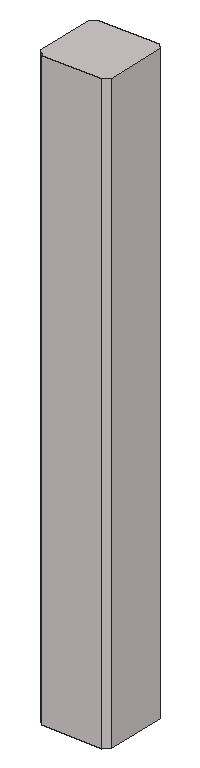
Revit family "Concrete Rectangular - Precast", category 구조 기둥, Revit 2026
Family settings
  숨겨진 뷰로 표시 = 다른 부재에 가려진 모서리
  단면 모양 = 정의되지 않음
  모델 동작 재료 = 프리캐스트 콘크리트
  항상 형상으로 내보내기 = 아니오
  평면의 보 전환 = 경계 상자에서
  로드될 때 보이드를 사용하여 절단 = 아니오
  기호 표현 = 패밀리에서
  공유 = 아니오
  평면도에서 미리 절단된 패밀리 표시 = 예
Parameters (values of type "300 x 300mm")
  키노트 = "E"
  Structural Material [instance] = Concrete - Precast Concrete - 35 MPa
  Chamfer = 25 mm
  b = 300 mm
  h = 300 mm
Types (4, lengths in mm): name | Chamfer | b | h
  (no name) | 25 | 300 | 300
  300 x 300mm | 25 | 300 | 300
  450 x 450mm | 25 | 450 | 450
  600 x 600mm | 40 | 600 | 600
Reference planes
  plane 1 "Center (Front/Back)": y = 0
  plane 2: z = 0
  plane 3 "Center (Left/Right)": x = 0
  plane 4: x = -150
  plane 5: x = 150
  plane 6: y = 150
  plane 7: y = -150
  plane 8: x = -125
  plane 9: y = -125
  plane 10: x = 125
  plane 11: y = 125
Forms (mm)
  Extrusion 1, solid, material "Concrete - Precast Concrete - 35 MPa" <- "Structural Material"
    sketch origin (0, 0, 0) x (1, 0, 0) y (0, 1, 0)
      loop
        line (-125, 150) -> (-150, 125) -> (-150, -125) -> (-125, -150) -> (125, -150) -> (150, -125) -> (150, 125) -> (125, 150) -> (-125, 150)
    from 0 to 2500
Dimensions and locks
  equal spacing: plane 4, plane 3 "Center (Left/Right)", plane 5
  equal spacing: plane 7, plane 1 "Center (Front/Back)", plane 6
  "h": plane 7 to plane 6
  "b": plane 4 to plane 5
  "Chamfer": plane 4 to plane 8
  "Chamfer": plane 10 to plane 5
  "Chamfer": plane 11 to plane 6
  "Chamfer": plane 7 to plane 9
  aligned and locked: plane 6 to Extrusion 1 sketch curve
  aligned and locked: Extrusion 1 sketch curve to plane 7
  aligned and locked: Extrusion 1 sketch curve to plane 4
  aligned and locked: plane 5 to Extrusion 1 sketch curve
  aligned and locked: level to Extrusion 1
  aligned and locked: level to plane 2
  aligned and locked: Extrusion 1 to plane 2
Automatic sketch dimensions
  Extrusion 1 sketch curve to plane 8 = 0 mm  (x2)
  Extrusion 1 sketch curve to plane 10 = 0 mm  (x2)
  Extrusion 1 sketch curve to plane 9 = 0 mm  (x2)
  Extrusion 1 sketch curve to plane 11 = 0 mm  (x2)
